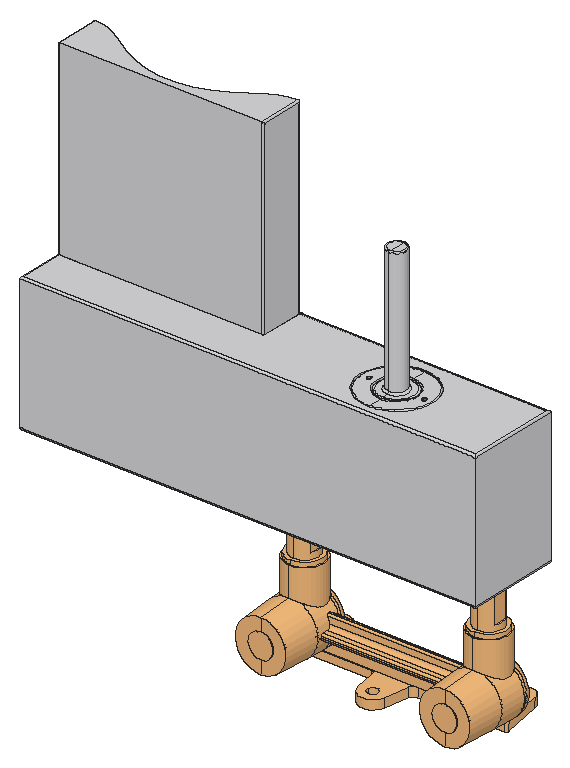
Revit family "Faucet-Wall_Mount-Lavatory-KOHLER-Beitou-K-99876M_1", category Plumbing Fixtures, host Face, Revit 2017
Family settings
  Host = Face
  Round Connector Dimension = Use Diameter
  Part Type = Normal
  OmniClass Number = 23.31.11.00
  OmniClass Title = Faucets
  Cut with Voids When Loaded = No
  Shared = No
  Room Calculation Point = No
Parameters (values of type "CP- Polished Chrome")
  Width = 9 11/64"  # constant formula
  WaterSense Certified = 1 = 0  # no
  Waste Water Outlet = "Waste Water Outlet"  # constant formula
  Waste Connection = 1 = 0  # no
  Vent Connection = 1 = 0  # no
  URL = "https://la.kohler.com/es?country=MX"
  Type = 1
  Product Page URL = "https://la.kohler.com/es/product-detail/99876m-4?skuid=K-99876M-4-CP"
  Product Name = "Beitou"  # constant formula
  Product Documentation Link = "http://resources.kohler.com/plumbing/kohlerla/pdf/99876T_spec.pdf"
  Pressure = 0.00 psi
  Model = "K-99876M-4-CP"  # constant formula
  Material = "Brass Construction"  # constant formula
  Master Format 2014 Name = "Residential Faucets, Supplies, and Trim"  # constant formula
  Master Format 2014 = "22 41 39"  # constant formula
  Manufacturer Address = "KOHLER Co. 444 Highland Dr. Kohler, WI 53044"  # constant formula
  Manufacturer = "KOHLER Co."  # constant formula
  Length = 6 147/256"  # constant formula
  Hot Water Inlet = "Hot Water Inlet"  # constant formula
  Height = 1 223/256"  # constant formula
  HW Connection = 1 = 1  # yes
  Flow Rate = 0 GPM
  Finish = Kohler-Metal-CP-Polished_Chrome
  Environmental Product Declaration = ""
  Drain Included = 1 = 1  # yes
  Description = "Wall-mounted single-lever basin mixer"  # constant formula
  Default Elevation = 36"
  Declare Label = ""
  Date Modified = "05/24/2021"  # constant formula
  Date Created = "05/24/2021"  # constant formula
  Copyright = "Copyright KOHLER Co."  # constant formula
  Contact Us = "https://la.kohler.com/es/contact-us-page"
  Cold Water Inlet = "Cold Water Inlet"  # constant formula
  CW Connection = 1 = 1  # yes
  Assembly Code = "D2010"
  ADA Compliant = 1 = 0  # no
Reference planes (in)
  plane 1 "Center (Front/Back)": y = 0
  plane 2: z = 0
  plane 3 "Center (Left/Right)": x = 0
  plane 4: y = -0.90551
  plane 5: x = -6.84904
  plane 6: x = -1.85039
  plane 7: x = 1.85039
  plane 8: y = 0.1378
  plane 9: z = 6.57422
  plane 10: z = 5.31496
  plane 11: z = 2.75591
  plane 12: z = -2.04724
  plane 13: y = 0.96558
  plane 14: z = -2.61809
  plane 15: z = 1.37746
  plane 16: x = 2.32283
  plane 17: x = -2.71654
Forms (in)
  Extrusion 1, void
    sketch origin (0, 0, 0) x (1, 0, 0) y (0, 0, 1)
      loop
        arc (-2.2509, -1.63022) -> (-2.42845, -2.03715) -> (-2.26547, -2.45013) r 0.57876
        line (-2.26547, -2.45013) -> (-2.26547, -2.62463) -> (2.26643, -2.62463) -> (2.26643, -2.45013)
        arc (2.26643, -2.45013) -> (2.42941, -2.03715) -> (2.25187, -1.63022) r 0.57876
        line (2.25187, -1.63022) -> (2.25187, -0.90549) -> (2.20662, -0.90549) -> (2.20662, 0.41674) -> (-2.20552, 0.41674) -> (-2.20552, -0.90549) -> (-2.2509, -0.90549) -> (-2.2509, -1.63022)
    from -0.9409 to 0.8889
  Extrusion 2, void
    sketch origin (0, 0, 0) x (1, 0, 0) y (0, 0, 1)
      loop
        circle (-1.83968, -2.04743) r 0.54424
      loop
        circle (1.85126, -2.04743) r 0.54297
    from 0.8889 to 1.10568
  Extrusion 3, void
    sketch origin (0, 0, 0) x (1, 0, 0) y (0, 0, 1)
      loop
        line (2.26643, -2.44093) -> (1.33068, -2.44093) -> (1.33068, -2.61809) -> (2.26643, -2.61809) -> (2.26643, -2.44093)
      loop
        line (-2.27474, -2.44093) -> (-2.27474, -2.61809) -> (-1.33899, -2.61809) -> (-1.33899, -2.44093) -> (-2.27474, -2.44093)
    from -1.08536 to -0.9409
Dimensions and locks (in)
  "Width": plane 5 to plane 16
  "Height": plane 13 to plane 4
  plane 3 "Center (Left/Right)" to plane 16 = 2.32283"
  plane 4 to plane 8 = 1.04331"
  "Length": level to plane 9
  level to plane 12 = 2.04724"  (x2)
  level to plane 14 = 2.61809"  (x2)
  level to plane 10 = 5.31496"
  plane 13 to plane 4 = 1 223/256"
  locked: plane 10 to plane 15 at 3.9375
  plane 6 to plane 7 = 3.70079"
  plane 5 to plane 17 = 4.1325"
  locked: plane 5 to plane 17 at 4.1325
  aligned and locked: plane 2 to host face
  aligned and locked: level to host face
  aligned and locked: plane 3 "Center (Left/Right)" to nested 1
Automatic sketch dimensions
  host sketch curve to host sketch curve = 96"  (x2)
  Extrusion 1 sketch curve to plane 14 = 0.00654"
  plane 6 to Extrusion 1 sketch curve = 0.41507"
  plane 6 to Extrusion 1 sketch curve = 0.40051"
  plane 6 to Extrusion 1 sketch curve = 0.35513"
  Extrusion 1 sketch curve to plane 6 = 0.00062"
  Extrusion 1 sketch curve to plane 7 = 0.00034"
  plane 16 to Extrusion 1 sketch curve = 0.11622"
  plane 16 to Extrusion 1 sketch curve = 0.07097"
  plane 16 to Extrusion 1 sketch curve = 0.05641"
  plane 14 to Extrusion 1 sketch curve = 43/256"  (x2)
  plane 12 to Extrusion 1 sketch curve = 0.00018"  (x2)
  Extrusion 1 sketch curve to Extrusion 1 sketch curve = 0.72472"  (x2)
  level to Extrusion 1 sketch curve = 0.41674"
  plane 12 to Extrusion 2 sketch curve = 0.00018"  (x2)
  Extrusion 2 sketch curve to plane 6 = 0.01071"
  Extrusion 2 sketch curve to plane 7 = 0.00087"
  Extrusion 3 sketch curve to plane 14 = 0"  (x2)
  plane 6 to Extrusion 3 sketch curve = 0.42434"
  Extrusion 3 sketch curve to plane 6 = 0.51141"
  plane 14 to Extrusion 3 sketch curve = 0.17717"  (x2)
  plane 7 to Extrusion 3 sketch curve = 0.51972"
  plane 16 to Extrusion 3 sketch curve = 0.05641"
  radius of Extrusion 2 sketch curve = 0.54424"
  radius of Extrusion 2 sketch curve = 139/256"
Nested families (in)
  nested 1: "K-99876M" at (0, 0, 0) x (1, 0, 0) z (0, 1, 0), type "K-99876M"
Connectors (in)
  piping at (-1.85039, -1.10568, -2.04724), diameter 0.5, driven by "Flow Rate", driven by "Pressure", driven by "HW Connection", driven by "Hot Water Inlet"
    settings: on nested 1, index 1, connector inside diameter 24", connector length 0", flow factor 0, pipe flow 0 GPM, pressure drop 0.00 psi, fitting loss kfactor 0, connector angle 0.00°, fixture units 0, engagement length 0", angle of deflection 0.00°, flow configuration 0, flow direction 1, fitting loss method 0, system type 19, joint type 0, gender type 0, connector reference index -1, connector utility 1, adjustable connector no, is connector primary yes, connector description "Hot Water Inlet"
  piping at (1.85039, -1.10568, -2.04724), diameter 0.5, driven by "Flow Rate", driven by "Pressure", driven by "CW Connection", driven by "Cold Water Inlet"
    settings: on nested 1, index 2, connector inside diameter 24", connector length 0", flow factor 0, pipe flow 0 GPM, pressure drop 0.00 psi, fitting loss kfactor 0, connector angle 0.00°, fixture units 0, engagement length 0", angle of deflection 0.00°, flow configuration 0, flow direction 1, fitting loss method 0, system type 20, joint type 0, gender type 0, connector reference index -1, connector utility 1, adjustable connector no, is connector primary no, connector description "Cold Water Inlet"
Definition of nested family "K-99876M"
  Parameters (values of type "K-99876M")
    Material = none
    Default Elevation = 48"
  Reference planes (in)
    plane 1 "Center (Front/Back)": y = 0
    plane 2: z = 0
    plane 3 "Center (Left/Right)": x = 0
    plane 4: y = -6.5748
    plane 5: y = -2.75591
    plane 6: y = -5.31496
    plane 7: y = 2.04724
    plane 8: x = 2.32283
    plane 9: x = -6.85039
    plane 10: x = -1.85039
    plane 11: x = 1.85039
    plane 12: z = -0.90551
    plane 13: z = 0.1378
    plane 14: z = 0
    plane 15: z = 0.96457
    plane 16: y = 2.61809
    plane 17: y = -1.378
  Forms (in)
    Extrusion 1, solid, material <- "Material", detail levels medium+fine
      sketch origin (0, 0, 0) x (1, 0, 0) y (0, 0, 1)
        loop
          line (2.28346, 0.9252) -> (-2.67717, 0.9252) -> (-2.67717, 0.04331) -> (-6.81102, 0.04331) -> (-6.81102, -0.86614) -> (2.28346, -0.86614) -> (2.28346, 0.9252)
      from 0 to 2.75591
    Sweep 2, solid, material <- "Material", detail levels medium+fine
      path origin (0, 0, 0) x (1, 0, 0) y (0, 0, 1)
        loop
          line (-2.67717, 0.9252) -> (-2.67717, 0.04331) -> (-6.81102, 0.04331) -> (-6.81102, -0.86614) -> (2.28346, -0.86614) -> (2.28346, 0.9252) -> (-2.67717, 0.9252)
      profile origin (2.28346, 0, 0.02953) x (0, -1, 0) y (1, 0, 0)
        loop
          arc (0.03934, 0.03937) -> (0.01151, 0.02784) -> (0, 0) r 0.03934
          line (0, 0) -> (2.75591, 0)
          arc (2.75591, 0) -> (2.74441, 0.02784) -> (2.7166, 0.03937) r 0.03931
          line (2.7166, 0.03937) -> (0.03934, 0.03937)
    Extrusion 3, void
      sketch origin (0, 0, 0) x (1, 0, 0) y (0, 0, 1)
        loop
          circle (-0.00248, -0.00053) r 0.73082
      from 2.48031 to 5.68054
    Revolve 4, solid, material <- "Material", detail levels medium+fine
      sketch origin (0, 0, 0) x (0, 1, 0) y (0, 0, 1)
        loop
          line (-5.31496, 0) -> (-2.71654, 0) -> (-2.71654, 0.41367) -> (-2.74219, 0.38801)
          arc (-2.74219, 0.38801) -> (-2.75234, 0.37282) -> (-2.75591, 0.3549) r 0.04683
          line (-2.75591, 0.3549) -> (-2.75591, 0.2276)
          arc (-2.75591, 0.2276) -> (-2.76722, 0.20029) -> (-2.79453, 0.18898) r 0.03862
          line (-2.79453, 0.18898) -> (-5.29469, 0.18898)
          arc (-5.29469, 0.18898) -> (-5.30902, 0.18304) -> (-5.31496, 0.16871) r 0.02027
          line (-5.31496, 0.16871) -> (-5.31496, 0)
        axis (-5.31496, 0) -> (-2.71654, 0)
      angle from 0 to 360
    Revolve 5, solid, material <- "Material", detail levels medium+fine
      sketch origin (0, 0, 0) x (0, 1, 0) y (0, 0, 1)
        loop
          line (-2.6901, 0.43837) -> (-2.6901, 0.72493) -> (-2.73282, 0.72493)
          arc (-2.73282, 0.72493) -> (-2.74914, 0.71816) -> (-2.75591, 0.70184) r 0.02308
          line (-2.75591, 0.70184) -> (-2.75591, 0.40999)
          arc (-2.75591, 0.40999) -> (-2.74634, 0.39566) -> (-2.72944, 0.39902) r 0.0155
          line (-2.72944, 0.39902) -> (-2.6901, 0.43837)
        axis (-2.75591, 0) -> (-2.6901, 0)
      angle from 0 to 360
    Extrusion 6, void
      sketch origin (0, 0, 0) x (1, 0, 0) y (0, 0, 1)
        loop
          circle (-0.55799, -0.00003) r 0.04149
      from 2.48031 to 3.02697
    Extrusion 7, solid, detail levels medium+fine
      sketch origin (0, 0, 0) x (1, 0, 0) y (0, 0, 1)
        loop
          circle (-0.55799, -0.00003) r 0.03989
      from 2.48031 to 2.75591
    Extrusion 8, void
      sketch origin (0, 0, 0) x (-1, 0, 0) y (0, 0, -1)
        loop
          circle (-0.55799, 0.00003) r 0.04149
      from 2.48031 to 3.02697
    Extrusion 9, solid, detail levels medium+fine
      sketch origin (0, 0, 0) x (-1, 0, 0) y (0, 0, -1)
        loop
          circle (-0.55799, 0.00003) r 0.03989
      from 2.48031 to 2.75591
    Extrusion 10, solid, material <- "Material", detail levels medium+fine
      sketch origin (0, 0, 0) x (0, 1, 0) y (0, 0, 1)
        loop
          line (-0.03937, 0.9252) -> (-6.53543, 0.9252) -> (-6.53543, 0.08268) -> (-0.03937, 0.08268) -> (-0.03937, 0.9252)
      from -6.85039 to -2.71654
    Sweep 11, solid, material <- "Material", detail levels medium+fine
      path origin (0, 0, 0) x (0, 1, 0) y (0, 0, 1)
        loop
          line (-6.53543, 0.9252) -> (-6.53543, 0.08268) -> (-0.03937, 0.08268) -> (-0.03937, 0.9252) -> (-6.53543, 0.9252)
      profile origin (0, -6.53543, 0.08268) x (0, -1, 0) y (1, 0, 0)
        loop
          line (0, -2.71654) -> (0, -6.85039)
          arc (0, -6.85039) -> (0.02784, -6.83887) -> (0.03937, -6.81103) r 0.03937
          line (0.03937, -6.81103) -> (0.03937, -2.75606)
          arc (0.03937, -2.75606) -> (0.02785, -2.72817) -> (0, -2.71654) r 0.03952
    Extrusion 12, void
      sketch origin (0, 0.01285, 0.0689) x (1, 0, 0) y (0, -0.017452, 0.999848)
        loop
          arc (-5.25292, 0.28987) -> (-4.78127, 0.23404) -> (-4.30962, 0.28987) r 2.02006
          arc (-4.30962, 0.28987) -> (-4.02272, 0.38385) -> (-3.75471, 0.52283) r 1.86779
          arc (-3.75471, 0.52283) -> (-3.4982, 0.68437) -> (-3.24259, 0.84733) r 54.96959
          arc (-3.24259, 0.84733) -> (-2.97394, 0.96657) -> (-2.68188, 0.99959) r 0.96696
          line (-2.68188, 0.99959) -> (-2.68188, 1.39329) -> (-6.90568, 1.39329) -> (-6.90568, 1.00077)
          arc (-6.90568, 1.00077) -> (-6.65772, 0.98084) -> (-6.42323, 0.8978) r 0.95881
          arc (-6.42323, 0.8978) -> (-6.30889, 0.83569) -> (-6.19808, 0.76747) r 2.39798
          arc (-6.19808, 0.76747) -> (-6.01254, 0.64759) -> (-5.82571, 0.52972) r 20.51443
          arc (-5.82571, 0.52972) -> (-5.54898, 0.3867) -> (-5.25292, 0.28987) r 1.93805
      from 0.86609 to 7.01633
    Extrusion 13, solid, material <- "Material", detail levels medium+fine
      sketch origin (0, 0, 0) x (1, 0, 0) y (0, 1, 0)
        loop
          line (-5.96457, -0.03937) -> (-5.96457, -1.04175)
          arc (-5.96457, -1.04175) -> (-5.80844, -1.41867) -> (-5.43151, -1.5748) r 0.53306
          line (-5.43151, -1.5748) -> (-4.14821, -1.5748)
          arc (-4.14821, -1.5748) -> (-3.76224, -1.41493) -> (-3.60236, -1.02895) r 0.54585
          line (-3.60236, -1.02895) -> (-3.60236, -0.03937) -> (-5.96457, -0.03937)
      from 0.83465 to 0.96457
    Extrusion 14, solid, material <- "Material", detail levels medium+fine
      sketch origin (0, 0, 0) x (1, 0, 0) y (0, 1, 0)
        loop
          arc (-5.19122, -1.45089) -> (-4.7767, -1.48122) -> (-4.36219, -1.45089) r 2.84822
          arc (-4.36219, -1.45089) -> (-3.94379, -1.30922) -> (-3.60236, -1.02895) r 1.23079
          line (-3.60236, -1.02895) -> (-3.60236, -0.86609) -> (-5.96457, -0.86609) -> (-5.96457, -1.04175)
          arc (-5.96457, -1.04175) -> (-5.61307, -1.31281) -> (-5.19122, -1.45089) r 1.30965
      from 0.16142 to 0.83465
    Extrusion 15, void
      sketch origin (0, 0, 0) x (1, 0, 0) y (0, 0, 1)
        loop
          line (-3.95671, 0.12472) -> (-3.95671, 0.41143)
          arc (-3.95671, 0.41143) -> (-3.94594, 0.42365) -> (-3.93588, 0.43647) r 0.28548
          line (-3.93588, 0.43647) -> (-4.06299, 0.43647) -> (-4.06299, 0.16221) -> (-4.09449, 0.16221) -> (-4.09449, 0.43647) -> (-4.24016, 0.43647) -> (-4.24016, 0.181) -> (-4.27165, 0.181) -> (-4.27165, 0.43647) -> (-4.41732, 0.43647) -> (-4.41732, 0.16221) -> (-4.44882, 0.16221) -> (-4.44882, 0.43647) -> (-4.59449, 0.43647) -> (-4.59449, 0.13871) -> (-4.62598, 0.13871) -> (-4.62598, 0.43647) -> (-4.77165, 0.43647) -> (-4.77165, 0.13871) -> (-4.80315, 0.13871) -> (-4.80315, 0.43647) -> (-4.94882, 0.43647) -> (-4.94882, 0.13871) -> (-4.98031, 0.13871) -> (-4.98031, 0.43647) -> (-5.12598, 0.43647) -> (-5.12598, 0.16221) -> (-5.15748, 0.16221) -> (-5.15748, 0.43647) -> (-5.30315, 0.43647) -> (-5.30315, 0.16221) -> (-5.33465, 0.16221) -> (-5.33465, 0.43647) -> (-5.50196, 0.43647) -> (-5.50196, 0.16221) -> (-5.53346, 0.16221) -> (-5.53346, 0.43647) -> (-5.62003, 0.43647)
          arc (-5.62003, 0.43647) -> (-5.61398, 0.41419) -> (-5.61194, 0.3912) r 0.1307
          line (-5.61194, 0.3912) -> (-5.61194, 0.12472) -> (-3.95671, 0.12472)
        loop
          line (-5.50196, 0.68351) -> (-5.50196, 0.58123) -> (-5.33465, 0.58123) -> (-5.33465, 0.70427)
          arc (-5.33465, 0.70427) -> (-5.41835, 0.69428) -> (-5.50196, 0.68351) r 9.03524
        loop
          line (-5.30315, 0.70783) -> (-5.30315, 0.58123) -> (-5.15748, 0.58123) -> (-5.15748, 0.72281)
          arc (-5.15748, 0.72281) -> (-5.23035, 0.71562) -> (-5.30315, 0.70783) r 9.03524
        loop
          arc (-5.61715, 0.66263) -> (-5.6312, 0.65331) -> (-5.6378, 0.6378) r 0.02935
          arc (-5.6378, 0.6378) -> (-5.64015, 0.60956) -> (-5.64093, 0.58123) r 0.51189
          line (-5.64093, 0.58123) -> (-5.53346, 0.58123) -> (-5.53346, 0.67866)
          arc (-5.53346, 0.67866) -> (-5.57573, 0.67286) -> (-5.61715, 0.66263) r 0.40432
        loop
          arc (-3.96381, 0.67618) -> (-4.01338, 0.68296) -> (-4.06299, 0.68947) r 9.03524
          line (-4.06299, 0.68947) -> (-4.06299, 0.58123) -> (-3.881, 0.58123)
          arc (-3.881, 0.58123) -> (-3.87992, 0.60953) -> (-3.88165, 0.6378) r 0.28548
          arc (-3.88165, 0.6378) -> (-3.88825, 0.65331) -> (-3.90229, 0.66263) r 0.02935
          arc (-3.90229, 0.66263) -> (-3.93279, 0.67061) -> (-3.96381, 0.67618) r 0.40432
        loop
          line (-5.12598, 0.72554) -> (-5.12598, 0.58123) -> (-4.98031, 0.58123) -> (-4.98031, 0.73537)
          arc (-4.98031, 0.73537) -> (-5.05319, 0.73107) -> (-5.12598, 0.72554) r 4.36044
        loop
          line (-4.94882, 0.73685) -> (-4.94882, 0.58123) -> (-4.80315, 0.58123) -> (-4.80315, 0.74074)
          arc (-4.80315, 0.74074) -> (-4.876, 0.7394) -> (-4.94882, 0.73685) r 4.36044
        loop
          line (-4.77165, 0.74094) -> (-4.77165, 0.58123) -> (-4.62598, 0.58123) -> (-4.62598, 0.7389)
          arc (-4.62598, 0.7389) -> (-4.69881, 0.74053) -> (-4.77165, 0.74094) r 4.36044
        loop
          line (-4.59449, 0.73782) -> (-4.59449, 0.58123) -> (-4.44882, 0.58123) -> (-4.44882, 0.72985)
          arc (-4.44882, 0.72985) -> (-4.52162, 0.73445) -> (-4.59449, 0.73782) r 4.36044
        loop
          line (-4.41732, 0.72749) -> (-4.41732, 0.58123) -> (-4.27165, 0.58123) -> (-4.27165, 0.7138)
          arc (-4.27165, 0.7138) -> (-4.30397, 0.71713) -> (-4.3363, 0.72035) r 9.03524
          arc (-4.3363, 0.72035) -> (-4.37679, 0.72411) -> (-4.41732, 0.72749) r 4.36044
        loop
          line (-4.24016, 0.71045) -> (-4.24016, 0.58123) -> (-4.09449, 0.58123) -> (-4.09449, 0.69346)
          arc (-4.09449, 0.69346) -> (-4.16729, 0.70225) -> (-4.24016, 0.71045) r 9.03524
        loop
          arc (-5.64026, 0.55507) -> (-5.63547, 0.50668) -> (-5.62611, 0.45896) r 0.51189
          line (-5.62611, 0.45896) -> (-5.53346, 0.45896) -> (-5.53346, 0.55507) -> (-5.64026, 0.55507)
        loop
          line (-5.50196, 0.55507) -> (-5.50196, 0.45896) -> (-5.33465, 0.45896) -> (-5.33465, 0.55507) -> (-5.50196, 0.55507)
        loop
          line (-5.30315, 0.45896) -> (-5.15748, 0.45896) -> (-5.15748, 0.55507) -> (-5.30315, 0.55507) -> (-5.30315, 0.45896)
        loop
          line (-5.12598, 0.55507) -> (-5.12598, 0.45896) -> (-4.98031, 0.45896) -> (-4.98031, 0.55507) -> (-5.12598, 0.55507)
        loop
          line (-4.94882, 0.55507) -> (-4.94882, 0.45896) -> (-4.80315, 0.45896) -> (-4.80315, 0.55507) -> (-4.94882, 0.55507)
        loop
          line (-4.77165, 0.55507) -> (-4.77165, 0.45896) -> (-4.62598, 0.45896) -> (-4.62598, 0.55507) -> (-4.77165, 0.55507)
        loop
          line (-4.59449, 0.55507) -> (-4.59449, 0.45896) -> (-4.44882, 0.45896) -> (-4.44882, 0.55507) -> (-4.59449, 0.55507)
        loop
          line (-4.41732, 0.55507) -> (-4.41732, 0.45896) -> (-4.27165, 0.45896) -> (-4.27165, 0.55507) -> (-4.41732, 0.55507)
        loop
          line (-4.24016, 0.55507) -> (-4.24016, 0.45896) -> (-4.09449, 0.45896) -> (-4.09449, 0.55507) -> (-4.24016, 0.55507)
        loop
          line (-4.06299, 0.45896) -> (-3.92083, 0.45896)
          arc (-3.92083, 0.45896) -> (-3.89832, 0.50537) -> (-3.88453, 0.55507) r 0.28548
          line (-3.88453, 0.55507) -> (-4.06299, 0.55507) -> (-4.06299, 0.45896)
      from 0.6043 to 1.91537
    Revolve 16, solid, detail levels medium+fine
      sketch origin (1.85094, 0, -0.0018) x (0, 1, 0) y (0, 0, 1)
        loop
          line (-0.1575, 0.00181) -> (2.10672, 0.00181) -> (2.10672, 0.39567) -> (0.90549, 0.39567) -> (0.90549, 0.35748) -> (0.82675, 0.35748) -> (0.82675, 0.27743) -> (-0.1575, 0.27743) -> (-0.1575, 0.00181)
        axis (2.10672, 0.00181) -> (-0.1575, 0.00181)
      angle from 0 to 360
    Revolve 17, solid, detail levels medium+fine
      sketch origin (-1.84984, 0, -0.0018) x (0, 1, 0) y (0, 0, 1)
        loop
          line (-0.1575, 0.00181) -> (2.10672, 0.00181) -> (2.10672, 0.39567) -> (0.90549, 0.39567) -> (0.90549, 0.35748) -> (0.82675, 0.35748) -> (0.82675, 0.27743) -> (-0.1575, 0.27743) -> (-0.1575, 0.00181)
        axis (2.10672, 0.00181) -> (-0.1575, 0.00181)
      angle from 0 to 360
    Revolve 18, solid, detail levels medium+fine
      sketch origin (1.8504, 0, -0.0018) x (0, 1, 0) y (0, 0, 1)
        loop
          line (2.56133, -1.10388) -> (2.60034, -0.35948)
          arc (2.60034, -0.35948) -> (2.61111, -0.08552) -> (2.6147, 0.18864) r 10.47311
          line (2.6147, 0.18864) -> (2.6147, 0.24013)
          arc (2.6147, 0.24013) -> (2.56837, 0.35197) -> (2.45652, 0.3983) r 0.15817
          line (2.45652, 0.3983) -> (2.04743, 0.3983) -> (2.04743, -1.10388) -> (2.56133, -1.10388)
        axis (2.04743, 0.3983) -> (2.04743, -1.10388)
      angle from 0 to 360
    Revolve 19, solid, detail levels medium+fine
      sketch origin (-1.84978, 0, -0.0018) x (0, 1, 0) y (0, 0, 1)
        loop
          line (2.56133, -1.10388) -> (2.60034, -0.35948)
          arc (2.60034, -0.35948) -> (2.61111, -0.08552) -> (2.6147, 0.18864) r 10.47311
          line (2.6147, 0.18864) -> (2.6147, 0.24013)
          arc (2.6147, 0.24013) -> (2.56837, 0.35197) -> (2.45652, 0.3983) r 0.15817
          line (2.45652, 0.3983) -> (2.04743, 0.3983) -> (2.04743, -1.10388) -> (2.56133, -1.10388)
        axis (2.04743, 0.3983) -> (2.04743, -1.10388)
      angle from 0 to 360
    Extrusion 20, solid, detail levels medium+fine
      sketch origin (0, 0, -0.0018) x (0, 1, 0) y (0, 0, 1)
        loop
          line (1.98817, 0.25836) -> (1.98817, 0.13835)
          arc (1.98817, 0.13835) -> (1.96526, 0.08303) -> (1.90994, 0.06011) r 0.07823
          line (1.90994, 0.06011) -> (1.79187, 0.06011)
          arc (1.79187, 0.06011) -> (1.76364, 0.04842) -> (1.75195, 0.02019) r 0.03992
          line (1.75195, 0.02019) -> (1.75195, -0.01877)
          arc (1.75195, -0.01877) -> (1.7636, -0.04689) -> (1.79172, -0.05853) r 0.03977
          line (1.79172, -0.05853) -> (1.91122, -0.05853)
          arc (1.91122, -0.05853) -> (1.96563, -0.08107) -> (1.98817, -0.13549) r 0.07695
          line (1.98817, -0.13549) -> (1.98817, -0.25378)
          arc (1.98817, -0.25378) -> (2.0002, -0.28283) -> (2.02925, -0.29486) r 0.04109
          line (2.02925, -0.29486) -> (2.06537, -0.29486)
          arc (2.06537, -0.29486) -> (2.0943, -0.28288) -> (2.10628, -0.25396) r 0.04091
          line (2.10628, -0.25396) -> (2.10628, -0.13525)
          arc (2.10628, -0.13525) -> (2.12875, -0.081) -> (2.183, -0.05853) r 0.07672
          line (2.183, -0.05853) -> (2.44093, -0.05853) -> (2.44093, 0.05247) -> (2.18266, 0.05247)
          arc (2.18266, 0.05247) -> (2.12865, 0.07484) -> (2.10628, 0.12884) r 0.07638
          line (2.10628, 0.12884) -> (2.10628, 0.25672)
          arc (2.10628, 0.25672) -> (2.09463, 0.28485) -> (2.0665, 0.2965) r 0.03978
          line (2.0665, 0.2965) -> (2.02632, 0.2965)
          arc (2.02632, 0.2965) -> (1.99934, 0.28533) -> (1.98817, 0.25836) r 0.03815
      from -1.86637 to 1.86011
    Extrusion 21, solid, detail levels medium+fine
      sketch origin (0, 0, -0.0018) x (1, 0, 0) y (0, 0, 1)
        loop
          line (2.26569, -0.00255) -> (2.11926, 0.83265)
          arc (2.11926, 0.83265) -> (1.85197, 1.05737) -> (1.58426, 0.83318) r 0.27163
          line (1.58426, 0.83318) -> (1.46591, 0.16583)
          arc (1.46591, 0.16583) -> (1.41891, 0.08456) -> (1.33068, 0.05247) r 0.13735
          line (1.33068, 0.05247) -> (-1.33899, 0.05247)
          arc (-1.33899, 0.05247) -> (-1.4213, 0.0824) -> (-1.46515, 0.15823) r 0.12813
          line (-1.46515, 0.15823) -> (-1.58484, 0.83318)
          arc (-1.58484, 0.83318) -> (-1.85256, 1.05737) -> (-2.11984, 0.83265) r 0.27163
          line (-2.11984, 0.83265) -> (-2.26547, 0.00203)
          arc (-2.26547, 0.00203) -> (-2.25377, -0.04149) -> (-2.21293, -0.06052) r 0.05334
          line (-2.21293, -0.06052) -> (-0.46581, -0.06052)
          arc (-0.46581, -0.06052) -> (-0.39149, -0.08759) -> (-0.35199, -0.15612) r 0.11556
          line (-0.35199, -0.15612) -> (-0.26762, -0.63737)
          arc (-0.26762, -0.63737) -> (-0.00029, -0.86213) -> (0.26747, -0.63789) r 0.27167
          line (0.26747, -0.63789) -> (0.35245, -0.15868)
          arc (0.35245, -0.15868) -> (0.39315, -0.08831) -> (0.46955, -0.06052) r 0.11893
          line (0.46955, -0.06052) -> (2.217, -0.06052)
          arc (2.217, -0.06052) -> (2.25485, -0.04288) -> (2.26569, -0.00255) r 0.04943
        loop
          circle (1.85171, 0.78575) r 0.10895
        loop
          circle (-0.00003, -0.59046) r 0.10813
        loop
          circle (-1.8523, 0.78575) r 0.11072
      from -2.61809 to -2.44093
    Extrusion 22, void
      sketch origin (0, 0, -0.0018) x (1, 0, 0) y (0, 1, 0)
        loop
          line (-1.61427, 0.1188) -> (-1.49936, 0.1188) -> (-1.49936, 0.70935) -> (-1.61427, 0.70935) -> (-1.61427, 0.1188)
      from -0.76036 to 0.83465
    Extrusion 23, void
      sketch origin (-3.69969, 0, -0.0018) x (-1, 0, 0) y (0, -1, 0)
        loop
          line (-1.61427, -0.1188) -> (-1.61427, -0.70935) -> (-1.49936, -0.70935) -> (-1.49936, -0.1188) -> (-1.61427, -0.1188)
      from -0.76036 to 0.83465
    Extrusion 24, void
      sketch origin (0.00106, 0, -0.0018) x (-1, 0, 0) y (0, -1, 0)
        loop
          line (-1.61427, -0.1188) -> (-1.61427, -0.70935) -> (-1.49936, -0.70935) -> (-1.49936, -0.1188) -> (-1.61427, -0.1188)
      from -0.76036 to 0.83465
    Extrusion 25, void
      sketch origin (3.70075, 0, -0.0018) x (1, 0, 0) y (0, 1, 0)
        loop
          line (-1.61427, 0.1188) -> (-1.49936, 0.1188) -> (-1.49936, 0.70935) -> (-1.61427, 0.70935) -> (-1.61427, 0.1188)
      from -0.76036 to 0.83465
    Extrusion 26, solid, material <- "Material", detail levels coarse
      sketch origin (0, 0, 0) x (0, 1, 0) y (0, 0, 1)
        loop
          line (0, 0.96457) -> (-2.75591, 0.96457) -> (-2.75591, -0.90551) -> (0, -0.90551) -> (0, 0.96457)
      from -6.85039 to 2.32283
    Extrusion 27, solid, material <- "Material", detail levels coarse
      sketch origin (0, 0, 0) x (1, 0, 0) y (0, 0, 1)
        loop
          line (-6.85039, 0.04331) -> (-2.71654, 0.04331) -> (-2.71654, 0.96457) -> (-6.85039, 0.96457) -> (-6.85039, 0.04331)
      from 0 to 6.5748
    Extrusion 28, solid, material <- "Material", detail levels coarse
      sketch origin (0, 0, 0) x (1, 0, 0) y (0, 0, 1)
        loop
          circle (-0.00248, -0.00053) r 0.19685
      from 1.89981 to 5.31522
    Revolve 29, solid, detail levels coarse
      sketch origin (1.85094, 0, 0) x (0, 1, 0) y (0, 0, 1)
        loop
          line (-0.1575, 0) -> (2.10672, 0) -> (2.10672, 0.39387) -> (0.82675, 0.39387) -> (0.82675, 0.27563) -> (-0.1575, 0.27563) -> (-0.1575, 0)
        axis (2.10672, 0) -> (-0.1575, 0)
      angle from 0 to 360
    Revolve 30, solid, detail levels coarse
      sketch origin (-1.84984, 0, 0) x (0, 1, 0) y (0, 0, 1)
        loop
          line (-0.1575, 0) -> (2.10672, 0) -> (2.10672, 0.39387) -> (0.82675, 0.39387) -> (0.82675, 0.27563) -> (-0.1575, 0.27563) -> (-0.1575, 0)
        axis (2.10672, 0) -> (-0.1575, 0)
      angle from 0 to 360
    Revolve 31, solid, detail levels coarse
      sketch origin (-1.83968, 0, 0) x (0, 1, 0) y (0, 0, 1)
        loop
          line (2.56133, -1.10568) -> (2.60893, -0.19735)
          arc (2.60893, -0.19735) -> (2.61326, -0.08737) -> (2.6147, 0.02268) r 4.20423
          line (2.6147, 0.02268) -> (2.6147, 0.3965) -> (2.04743, 0.3965) -> (2.04743, -1.10568) -> (2.56133, -1.10568)
        axis (2.04743, 0.3965) -> (2.04743, -1.10568)
      angle from 0 to 360
    Revolve 32, solid, detail levels coarse
      sketch origin (1.85126, 0, 0) x (0, 1, 0) y (0, 0, 1)
        loop
          line (2.56133, -1.10568) -> (2.60893, -0.19735)
          arc (2.60893, -0.19735) -> (2.61326, -0.08737) -> (2.6147, 0.02268) r 4.20423
          line (2.6147, 0.02268) -> (2.6147, 0.3965) -> (2.04743, 0.3965) -> (2.04743, -1.10568) -> (2.56133, -1.10568)
        axis (2.04743, 0.3965) -> (2.04743, -1.10568)
      angle from 0 to 360
    Extrusion 33, solid, detail levels coarse
      sketch origin (0, 0, 0) x (1, 0, 0) y (0, 0, 1)
        loop
          line (2.27585, -0.06232) -> (2.08526, 1.02475) -> (1.61855, 1.02475) -> (1.44581, 0.05066) -> (-1.4464, 0.05066) -> (-1.61913, 1.02475) -> (-2.08585, 1.02475) -> (-2.27643, -0.06232) -> (-0.36875, -0.06232) -> (-0.23354, -0.83352) -> (0.2331, -0.83352) -> (0.36986, -0.06232) -> (2.27585, -0.06232)
        loop
          circle (1.85171, 0.78395) r 0.10895
        loop
          circle (-0.00003, -0.59226) r 0.10813
        loop
          circle (-1.8523, 0.78395) r 0.11072
      from -2.61809 to -2.44093
    Extrusion 34, solid, detail levels coarse
      sketch origin (0, 0, 0) x (0, 1, 0) y (0, 0, 1)
        loop
          line (1.98817, 0.2947) -> (1.98817, 0.05831) -> (1.75195, 0.05831) -> (1.75195, -0.06034) -> (1.98817, -0.06034) -> (1.98817, -0.29667) -> (2.10628, -0.29667) -> (2.10628, -0.06034) -> (2.44093, -0.06034) -> (2.44093, 0.05066) -> (2.10628, 0.05066) -> (2.10628, 0.2947) -> (1.98817, 0.2947)
      from -1.70278 to 2.08648
    Extrusion 35, solid, detail levels medium+fine
      sketch origin (0, 0, 0) x (1, 0, 0) y (0, 1, 0)
        loop
          circle (-1.85039, 2.04724) r 0.25
        loop
          circle (1.85039, 2.04724) r 0.25
      from -1.10568 to -0.97868
  Cuts and joins
    Extrusion 3, Extrusion 6, Extrusion 8, Extrusion 12 cuts Extrusion 1
    Extrusion 3, Extrusion 6, Extrusion 8 cuts Sweep 2
    joined: Extrusion 1, Sweep 2
    Extrusion 6, Extrusion 8 cuts Revolve 5
    Extrusion 12 cuts Extrusion 10
    Extrusion 12 cuts Sweep 11
    joined: Extrusion 10, Sweep 11, Extrusion 13
    Extrusion 15 cuts Extrusion 14
    Extrusion 22, Extrusion 23 cuts Revolve 17
    Extrusion 24, Extrusion 25 cuts Revolve 16
    Extrusion 12 cuts Extrusion 26
    Extrusion 12 cuts Extrusion 27
    joined: Extrusion 26, Extrusion 27, Extrusion 28
    joined: Extrusion 33, Extrusion 34
  Lines and regions (in)
    Masking region 1
      outline origin (0, 0, 0) x (0, 1, 0) y (0, 0, 1)
        loop
          line (2.59574, 1.05557) -> (2.46337, 1.05557)
          arc (2.46337, 1.05557) -> (2.4475, 1.049) -> (2.44093, 1.03313) r 0.02244
          line (2.44093, 1.03313) -> (2.44093, 0.48473)
          arc (2.44093, 0.48473) -> (2.41511, 0.42239) -> (2.35277, 0.39657) r 0.08816
          line (2.35277, 0.39657) -> (0.90549, 0.39657) -> (0.90549, 0.35568) -> (0.82675, 0.35568) -> (0.82675, 0.27563) -> (0, 0.27563) -> (0, -0.27563) -> (0.82675, -0.27563) -> (0.82675, -0.35568) -> (0.90549, -0.35568) -> (0.90549, -0.39387) -> (1.30941, -0.39387)
          arc (1.30941, -0.39387) -> (1.44491, -0.44793) -> (1.50599, -0.58041) r 0.19685
          line (1.50599, -0.58041) -> (1.53352, -1.10568) -> (2.56133, -1.10568) -> (2.574, -0.86393) -> (2.61809, -0.86393) -> (2.61809, 1.03322)
          arc (2.61809, 1.03322) -> (2.61154, 1.04902) -> (2.59574, 1.05557) r 0.02235
    Masking region 2
      outline origin (0, 0, 0) x (0, 1, 0) y (0, 0, 1)
        loop
          line (-0.0374, 0.96457) -> (-6.5374, 0.96457)
          arc (-6.5374, 0.96457) -> (-6.56385, 0.95361) -> (-6.5748, 0.92717) r 0.0374
          line (-6.5748, 0.92717) -> (-6.5748, 0.08071)
          arc (-6.5748, 0.08071) -> (-6.56385, 0.05426) -> (-6.5374, 0.04331) r 0.0374
          line (-6.5374, 0.04331) -> (-5.31496, 0.04331) -> (-5.31496, -0.16893)
          arc (-5.31496, -0.16893) -> (-5.3091, -0.18307) -> (-5.29496, -0.18892) r 0.02
          line (-5.29496, -0.18892) -> (-2.79366, -0.18892)
          arc (-2.79366, -0.18892) -> (-2.76696, -0.19998) -> (-2.75591, -0.22668) r 0.03775
          line (-2.75591, -0.22668) -> (-2.75591, -0.86809)
          arc (-2.75591, -0.86809) -> (-2.74495, -0.89455) -> (-2.71849, -0.90551) r 0.03742
          line (-2.71849, -0.90551) -> (-0.03723, -0.90551)
          arc (-0.03723, -0.90551) -> (-0.0109, -0.89461) -> (0, -0.86829) r 0.03723
          line (0, -0.86829) -> (0, 0.92717)
          arc (0, 0.92717) -> (-0.01095, 0.95361) -> (-0.0374, 0.96457) r 0.0374
    Masking region 3
      outline origin (0, 0, 0) x (1, 0, 0) y (0, 0, 1)
        loop
          arc (-2.71654, 0.92504) -> (-2.72811, 0.95299) -> (-2.75606, 0.96457) r 0.03952
          line (-2.75606, 0.96457) -> (-3.57874, 0.96457)
          arc (-3.57874, 0.96457) -> (-3.59544, 0.95765) -> (-3.60236, 0.94094) r 0.02362
          arc (-3.60236, 0.94094) -> (-3.60928, 0.95765) -> (-3.62598, 0.96457) r 0.02362
          line (-3.62598, 0.96457) -> (-5.94094, 0.96457)
          arc (-5.94094, 0.96457) -> (-5.95765, 0.95765) -> (-5.96457, 0.94094) r 0.02362
          arc (-5.96457, 0.94094) -> (-5.97149, 0.95765) -> (-5.98819, 0.96457) r 0.02362
          line (-5.98819, 0.96457) -> (-6.81299, 0.96457)
          arc (-6.81299, 0.96457) -> (-6.83944, 0.95361) -> (-6.85039, 0.92717) r 0.0374
          line (-6.85039, 0.92717) -> (-6.85039, -0.86811)
          arc (-6.85039, -0.86811) -> (-6.83944, -0.89456) -> (-6.81299, -0.90551) r 0.0374
          line (-6.81299, -0.90551) -> (2.28543, -0.90551)
          arc (2.28543, -0.90551) -> (2.31188, -0.89456) -> (2.32283, -0.86811) r 0.0374
          line (2.32283, -0.86811) -> (2.32283, 0.92717)
          arc (2.32283, 0.92717) -> (2.31188, 0.95361) -> (2.28543, 0.96457) r 0.0374
          line (2.28543, 0.96457) -> (-2.67913, 0.96457)
          arc (-2.67913, 0.96457) -> (-2.70558, 0.95361) -> (-2.71654, 0.92717) r 0.0374
    Masking region 4, detail levels medium+fine
      outline origin (0, 0, 0) x (1, 0, 0) y (0, 1, 0)
        loop
          arc (-2.24281, 2.61809) -> (-2.2594, 2.61122) -> (-2.26627, 2.59463) r 0.02346
          line (-2.26627, 2.59463) -> (-2.26627, 2.47266)
          arc (-2.26627, 2.47266) -> (-2.26337, 2.45749) -> (-2.25508, 2.44446) r 0.04113
          arc (-2.25508, 2.44446) -> (-2.41708, 2.06787) -> (-2.28288, 1.68049) r 0.56706
          arc (-2.28288, 1.68049) -> (-2.25381, 1.63059) -> (-2.24371, 1.57373) r 0.16508
          line (-2.24371, 1.57373) -> (-2.24371, 0.90549) -> (-2.20552, 0.90549) -> (-2.20552, 0.82675) -> (-2.12547, 0.82675) -> (-2.12547, 0.70935) -> (-2.08542, 0.70935) -> (-2.08542, 0.1188) -> (-2.12547, 0.1188) -> (-2.12547, 0) -> (-1.57532, 0) -> (-1.57532, 0.1188) -> (-1.61537, 0.1188) -> (-1.61537, 0.70935) -> (-1.57532, 0.70935) -> (-1.57532, 0.82675) -> (-1.49527, 0.82675) -> (-1.49527, 0.90549) -> (-1.45708, 0.90549) -> (-1.45708, 1.58056)
          arc (-1.45708, 1.58056) -> (-1.44787, 1.6317) -> (-1.42139, 1.67642) r 0.14659
          arc (-1.42139, 1.67642) -> (-1.39228, 1.71305) -> (-1.36628, 1.75196) r 0.56706
          line (-1.36628, 1.75196) -> (1.36628, 1.75196)
          arc (1.36628, 1.75196) -> (1.39228, 1.71305) -> (1.42139, 1.67642) r 0.56706
          arc (1.42139, 1.67642) -> (1.44787, 1.6317) -> (1.45708, 1.58056) r 0.14659
          line (1.45708, 1.58056) -> (1.45708, 0.90549) -> (1.49527, 0.90549) -> (1.49527, 0.82675) -> (1.57532, 0.82675) -> (1.57532, 0.70935) -> (1.61537, 0.70935) -> (1.61537, 0.1188) -> (1.57532, 0.1188) -> (1.57532, 0) -> (2.12547, 0) -> (2.12547, 0.1188) -> (2.08542, 0.1188) -> (2.08542, 0.70935) -> (2.12547, 0.70935) -> (2.12547, 0.82675) -> (2.20552, 0.82675) -> (2.20552, 0.90549) -> (2.24371, 0.90549) -> (2.24371, 1.57373)
          arc (2.24371, 1.57373) -> (2.25381, 1.63059) -> (2.28288, 1.68049) r 0.16508
          arc (2.28288, 1.68049) -> (2.41708, 2.06787) -> (2.25508, 2.44446) r 0.56706
          arc (2.25508, 2.44446) -> (2.26337, 2.45749) -> (2.26643, 2.47266) r 0.04113
          line (2.26643, 2.47266) -> (2.26643, 2.59447)
          arc (2.26643, 2.59447) -> (2.25951, 2.61117) -> (2.24281, 2.61809) r 0.02362
          line (2.24281, 2.61809) -> (-2.24281, 2.61809)
    Masking region 5
      outline origin (0, 0, 0) x (1, 0, 0) y (0, 1, 0)
        loop
          line (-6.85039, -0.0374) -> (-6.85039, -6.5374)
          arc (-6.85039, -6.5374) -> (-6.83944, -6.56385) -> (-6.81299, -6.5748) r 0.0374
          line (-6.81299, -6.5748) -> (-2.75394, -6.5748)
          arc (-2.75394, -6.5748) -> (-2.72749, -6.56385) -> (-2.71654, -6.5374) r 0.0374
          line (-2.71654, -6.5374) -> (-2.71654, -2.79331)
          arc (-2.71654, -2.79331) -> (-2.70558, -2.76686) -> (-2.67913, -2.75591) r 0.0374
          line (-2.67913, -2.75591) -> (-0.22708, -2.75591)
          arc (-0.22708, -2.75591) -> (-0.20014, -2.76706) -> (-0.18898, -2.79401) r 0.0381
          line (-0.18898, -2.79401) -> (-0.18898, -5.29506)
          arc (-0.18898, -5.29506) -> (-0.18315, -5.30913) -> (-0.16908, -5.31496) r 0.0199
          line (-0.16908, -5.31496) -> (0.16903, -5.31496)
          arc (0.16903, -5.31496) -> (0.18314, -5.30912) -> (0.18898, -5.29501) r 0.01995
          line (0.18898, -5.29501) -> (0.18898, -2.79478)
          arc (0.18898, -2.79478) -> (0.20037, -2.76729) -> (0.22786, -2.75591) r 0.03888
          line (0.22786, -2.75591) -> (2.28543, -2.75591)
          arc (2.28543, -2.75591) -> (2.31188, -2.74495) -> (2.32283, -2.7185) r 0.0374
          line (2.32283, -2.7185) -> (2.32283, -0.0375)
          arc (2.32283, -0.0375) -> (2.31185, -0.01098) -> (2.28533, 0) r 0.0375
          line (2.28533, 0) -> (-6.81299, 0)
          arc (-6.81299, 0) -> (-6.83944, -0.01095) -> (-6.85039, -0.0374) r 0.0374
    symbolic lines, detail levels medium+fine
      curve 1: line (0, 0.82675, 0.27563) -> (0, 0.82675, -0.27562)
      curve 2: line (0, 0.90549, 0.35568) -> (0, 0.90549, -0.35567)
      curve 3: line (0, 0.70935, -0.14302) -> (0, 0.70935, 0.14309)
      curve 4: line (0, 0.70935, 0.14309) -> (0, 0.1188, 0.14309)
      curve 5: line (0, 0.1188, 0.14309) -> (0, 0.1188, -0.14302)
      curve 6: line (0, 0.1188, -0.14302) -> (0, 0.70935, -0.14302)
      curve 7: line (0, 2.574, -0.86393) -> (0, 2.61863, -0.05258)
      curve 8: arc (0, 1.30941, -0.39387) -> (0, 1.53063, -0.02681) -> (0, 1.59711, 0.39657) r 1.11536
      curve 9: arc (0, 1.50599, -0.58041) -> (0, 1.62516, -0.09801) -> (0, 1.67321, 0.39657) r 3.42259
      curve 10: line (0, 2.44799, -0.05258) -> (0, 1.63262, -0.05258)
      curve 11: line (0, 1.63262, -0.05258) -> (0, 1.53385, -0.01785)
      curve 12: line (0, 2.44287, -0.04465) -> (0, 1.63385, -0.04465)
      curve 13: line (0, 1.63385, -0.04465) -> (0, 1.53385, -0.01785)
      curve 14: line (0, 2.42574, 0.172) -> (0, 1.66038, 0.172)
      curve 15: line (0, 1.66038, 0.172) -> (0, 1.58472, 0.18373)
      curve 16: arc (0, 2.47998, 0.172) -> (0, 2.47215, 0.11522) -> (0, 2.45831, 0.05961) r 0.53618
      curve 17: arc (0, 2.45831, 0.05961) -> (0, 2.44698, 0.01254) -> (0, 2.44146, -0.03555) r 0.39673
      curve 18: arc (0, 2.47998, 0.172) -> (0, 2.47647, 0.33574) -> (0, 2.44027, 0.49547) r 0.81419
      curve 19: arc (0, 2.35277, 0.39657) -> (0, 2.4177, 0.29353) -> (0, 2.42574, 0.172) r 0.248
      curve 20: arc (0, 2.42574, 0.172) -> (0, 2.41039, 0.05336) -> (0, 2.40776, -0.06625) r 1.1216
      curve 21: arc (0, 2.61625, -0.09585) -> (0, 2.52819, -0.11139) -> (0, 2.43909, -0.10387) r 0.34649
      curve 22: arc (0, 2.43909, -0.10387) -> (0, 2.41695, -0.09045) -> (0, 2.40776, -0.06625) r 0.03978
      curve 23: arc (0, 2.61863, -0.05258) -> (0, 2.53845, -0.06877) -> (0, 2.45734, -0.05818) r 0.24971
      curve 24: arc (0, 2.45734, -0.05818) -> (0, 2.4455, -0.04961) -> (0, 2.44146, -0.03555) r 0.0224
      curve 25: line (0, 2.42574, 0.172) -> (0, 2.4786, 0.15783)
      curve 26: line (0, 2.45734, -0.05818) -> (0, 2.443, -0.10548)
      curve 27: line (0, 2.44146, -0.03555) -> (0, 2.40731, -0.01583)
      curve 28: line (0, -5.31496, 0.04331) -> (0, 0, 0.04331)
      curve 29: line (0, -2.75591, -0.22668) -> (0, -2.75591, 0.04331)
      curve 30: line (0, -2.79366, -0.18892) -> (0, -2.79366, 0.04331)
      curve 31: arc (-6.19808, 0, 0.7215) -> (-6.30889, 0, 0.78973) -> (-6.42323, 0, 0.85185) r 2.3979
      curve 32: arc (-6.42323, 0, 0.85185) -> (-6.61182, 0, 0.92645) -> (-6.81103, 0, 0.96457) r 1.08238
      curve 33: arc (-5.82571, 0, 0.48371) -> (-6.01254, 0, 0.60161) -> (-6.19808, 0, 0.7215) r 20.5133
      curve 34: arc (-5.82571, 0, 0.48371) -> (-4.7847, 0, 0.13778) -> (-3.7437, 0, 0.48371) r 1.73928
      curve 35: arc (-3.7437, 0, 0.48371) -> (-3.49924, 0, 0.65215) -> (-3.24259, 0, 0.80137) r 3.87273
      curve 36: arc (-3.24259, 0, 0.80137) -> (-3.006, 0, 0.90307) -> (-2.75595, 0, 0.9646) r 1.5655
      curve 37: line (-2.71654, 0, 0.92504) -> (-2.71654, 0, 0.08099)
      curve 38: line (-6.81103, 0, 0.04331) -> (-2.75422, 0, 0.04331)
      curve 39: arc (-2.75422, 0, 0.04331) -> (-2.72757, 0, 0.05434) -> (-2.71654, 0, 0.08099) r 0.03768
      curve 40: arc (-6.85039, 0, 0.08268) -> (-6.83887, 0, 0.05484) -> (-6.81103, 0, 0.04331) r 0.03937
      curve 41: line (-5.96457, 0, 0.83465) -> (-3.60236, 0, 0.83465)
      curve 42: line (-5.68266, 0, 0.83465) -> (-5.68266, 0, 0.55507)
      curve 43: arc (-5.18315, 0, 0.72035) -> (-5.36962, 0, 0.7002) -> (-5.55564, 0, 0.67618) r 9.03524
      curve 44: arc (-4.3363, 0, 0.72035) -> (-4.75972, 0, 0.74095) -> (-5.18315, 0, 0.72035) r 4.36044
      curve 45: arc (-5.55564, 0, 0.67618) -> (-5.61856, 0, 0.6538) -> (-5.66755, 0, 0.6084) r 0.16573
      curve 46: arc (-5.66755, 0, 0.6084) -> (-5.68062, 0, 0.53826) -> (-5.6353, 0, 0.48316) r 0.08442
      curve 47: spline (-5.63689, 0, 0.47983) -> (-5.60608, 0, 0.46542) -> (-5.57502, 0, 0.45156) -> (-5.54372, 0, 0.43824) -> (-5.51219, 0, 0.42547) -> (-5.48045, 0, 0.41326) -> (-5.44849, 0, 0.4016) -> (-5.41634, 0, 0.39051) -> (-5.38399, 0, 0.37999) -> (-5.35147, 0, 0.37003) -> (-5.31877, 0, 0.36065) -> (-5.28592, 0, 0.35184) -> (-5.25292, 0, 0.34361)
      curve 48: spline (-5.25292, 0, 0.34361) -> (-5.17543, 0, 0.32661) -> (-5.09733, 0, 0.31266) -> (-5.01874, 0, 0.30179) -> (-4.93979, 0, 0.29401) -> (-4.86059, 0, 0.28934) -> (-4.78127, 0, 0.28779) -> (-4.70195, 0, 0.28934) -> (-4.62275, 0, 0.29401) -> (-4.5438, 0, 0.30179) -> (-4.46521, 0, 0.31266) -> (-4.38711, 0, 0.32661) -> (-4.30962, 0, 0.34361)
      curve 49: spline (-4.30962, 0, 0.34361) -> (-4.27673, 0, 0.35182) -> (-4.244, 0, 0.36063) -> (-4.21143, 0, 0.37003) -> (-4.17904, 0, 0.38002) -> (-4.14684, 0, 0.39059) -> (-4.11483, 0, 0.40175) -> (-4.08303, 0, 0.41349) -> (-4.05145, 0, 0.4258) -> (-4.0201, 0, 0.43868) -> (-3.98899, 0, 0.45213) -> (-3.95812, 0, 0.46614) -> (-3.92752, 0, 0.48071)
      curve 50: line (-3.88427, 0, 0.83465) -> (-3.88427, 0, 0.561)
      curve 51: arc (-4.01129, 0, 0.67618) -> (-3.94837, 0, 0.6538) -> (-3.89938, 0, 0.6084) r 0.16573
      curve 52: arc (-3.89938, 0, 0.6084) -> (-3.88386, 0, 0.56537) -> (-3.89307, 0, 0.52056) r 0.08442
      curve 53: arc (-4.01129, 0, 0.67618) -> (-4.17338, 0, 0.70133) -> (-4.3363, 0, 0.72035) r 4.33887
      curve 54: line (-5.96457, 0, 0.83465) -> (-5.96457, 0, 0.94094)
      curve 55: line (-3.60236, 0, 0.83465) -> (-3.60236, 0, 0.94094)
      curve 56: arc (-5.8587, 0, 0.83465) -> (-5.79937, 0, 0.62499) -> (-5.63689, 0, 0.47983) r 0.39023
      curve 57: arc (-3.70839, 0, 0.83465) -> (-3.76697, 0, 0.62618) -> (-3.92768, 0, 0.48105) r 0.39023
      curve 58: line (-5.30315, 0, 0.70783) -> (-5.30315, 0, 0.58123)
      curve 59: line (-5.30315, 0, 0.58123) -> (-5.15748, 0, 0.58123)
      curve 60: line (-5.15748, 0, 0.58123) -> (-5.15748, 0, 0.72277)
      curve 61: line (-5.12598, 0, 0.72554) -> (-5.12598, 0, 0.58123)
      curve 62: line (-5.12598, 0, 0.58123) -> (-4.98031, 0, 0.58123)
      curve 63: line (-4.98031, 0, 0.58123) -> (-4.98031, 0, 0.73537)
      curve 64: line (-4.94882, 0, 0.73685) -> (-4.94882, 0, 0.58123)
      curve 65: line (-4.94882, 0, 0.58123) -> (-4.80315, 0, 0.58123)
      curve 66: line (-4.80315, 0, 0.58123) -> (-4.80315, 0, 0.74074)
      curve 67: line (-4.77165, 0, 0.74094) -> (-4.77165, 0, 0.58123)
      curve 68: line (-5.33465, 0, 0.58123) -> (-5.33465, 0, 0.70427)
      curve 69: line (-5.50196, 0, 0.68351) -> (-5.50196, 0, 0.58123)
      curve 70: line (-5.50196, 0, 0.58123) -> (-5.33465, 0, 0.58123)
      curve 71: line (-5.68039, 0, 0.58123) -> (-5.53346, 0, 0.58123)
      curve 72: arc (-5.6378, 0, 0.6378) -> (-5.64015, 0, 0.60956) -> (-5.64093, 0, 0.58123) r 0.51189
      curve 73: line (-5.53346, 0, 0.58123) -> (-5.53346, 0, 0.67866)
      curve 74: line (-5.53346, 0, 0.55507) -> (-5.68266, 0, 0.55507)
      curve 75: line (-5.33465, 0, 0.55507) -> (-5.50196, 0, 0.55507)
      curve 76: line (-5.15748, 0, 0.55507) -> (-5.30315, 0, 0.55507)
      curve 77: line (-4.98031, 0, 0.55507) -> (-5.12598, 0, 0.55507)
      curve 78: line (-4.80315, 0, 0.55507) -> (-4.94882, 0, 0.55507)
      curve 79: line (-4.62598, 0, 0.55507) -> (-4.77165, 0, 0.55507)
      curve 80: line (-4.77165, 0, 0.58123) -> (-4.62598, 0, 0.58123)
      curve 81: line (-4.62598, 0, 0.58123) -> (-4.62598, 0, 0.7389)
      curve 82: line (-4.44882, 0, 0.55507) -> (-4.59449, 0, 0.55507)
      curve 83: line (-4.59449, 0, 0.58123) -> (-4.44882, 0, 0.58123)
      curve 84: line (-4.59449, 0, 0.73782) -> (-4.59449, 0, 0.58123)
      curve 85: line (-4.44882, 0, 0.58123) -> (-4.44882, 0, 0.72985)
      curve 86: line (-4.41732, 0, 0.58123) -> (-4.27165, 0, 0.58123)
      curve 87: line (-4.27165, 0, 0.58123) -> (-4.27165, 0, 0.71355)
      curve 88: line (-4.41732, 0, 0.72749) -> (-4.41732, 0, 0.58123)
      curve 89: line (-4.24016, 0, 0.58123) -> (-4.09449, 0, 0.58123)
      curve 90: line (-4.24016, 0, 0.70988) -> (-4.24016, 0, 0.58123)
      curve 91: line (-4.09449, 0, 0.58123) -> (-4.09449, 0, 0.68988)
      curve 92: line (-4.27165, 0, 0.55507) -> (-4.41732, 0, 0.55507)
      curve 93: line (-4.09449, 0, 0.55507) -> (-4.24016, 0, 0.55507)
      curve 94: line (-3.88427, 0, 0.55507) -> (-4.06299, 0, 0.55507)
      curve 95: line (-4.06299, 0, 0.58123) -> (-3.88654, 0, 0.58123)
      curve 96: line (-4.06299, 0, 0.68489) -> (-4.06299, 0, 0.58123)
      curve 97: line (-4.06299, 0, 0.55507) -> (-4.06299, 0, 0.45896)
      curve 98: line (-4.24016, 0, 0.45896) -> (-4.09449, 0, 0.45896)
      curve 99: line (-4.41732, 0, 0.45896) -> (-4.27165, 0, 0.45896)
      curve 100: line (-4.59449, 0, 0.45896) -> (-4.44882, 0, 0.45896)
      curve 101: line (-4.77165, 0, 0.45896) -> (-4.62598, 0, 0.45896)
      curve 102: line (-4.94882, 0, 0.45896) -> (-4.80315, 0, 0.45896)
      curve 103: line (-5.12598, 0, 0.45896) -> (-4.98031, 0, 0.45896)
      curve 104: line (-5.30315, 0, 0.45896) -> (-5.15748, 0, 0.45896)
      curve 105: line (-5.50196, 0, 0.45896) -> (-5.33465, 0, 0.45896)
      curve 106: line (-5.59179, 0, 0.45896) -> (-5.53346, 0, 0.45896)
      curve 107: line (-5.15748, 0, 0.45896) -> (-5.15748, 0, 0.55507)
      curve 108: line (-5.30315, 0, 0.55507) -> (-5.30315, 0, 0.45896)
      curve 109: line (-5.33465, 0, 0.45896) -> (-5.33465, 0, 0.55507)
      curve 110: line (-5.50196, 0, 0.55507) -> (-5.50196, 0, 0.45896)
      curve 111: line (-5.53346, 0, 0.45896) -> (-5.53346, 0, 0.55507)
      curve 112: arc (-5.64026, 0, 0.55507) -> (-5.63671, 0, 0.51564) -> (-5.63012, 0, 0.47661) r 0.51189
      curve 113: line (-5.12598, 0, 0.55507) -> (-5.12598, 0, 0.45896)
      curve 114: line (-4.98031, 0, 0.45896) -> (-4.98031, 0, 0.55507)
      curve 115: line (-4.94882, 0, 0.55507) -> (-4.94882, 0, 0.45896)
      curve 116: line (-4.80315, 0, 0.45896) -> (-4.80315, 0, 0.55507)
      curve 117: line (-4.77165, 0, 0.55507) -> (-4.77165, 0, 0.45896)
      curve 118: line (-4.62598, 0, 0.45896) -> (-4.62598, 0, 0.55507)
      curve 119: line (-4.59449, 0, 0.55507) -> (-4.59449, 0, 0.45896)
      curve 120: line (-4.44882, 0, 0.45896) -> (-4.44882, 0, 0.55507)
      curve 121: line (-4.41732, 0, 0.55507) -> (-4.41732, 0, 0.45896)
      curve 122: line (-4.27165, 0, 0.45896) -> (-4.27165, 0, 0.55507)
      curve 123: line (-4.24016, 0, 0.55507) -> (-4.24016, 0, 0.45896)
      curve 124: line (-4.09449, 0, 0.45896) -> (-4.09449, 0, 0.55507)
      curve 125: line (-4.06299, 0, 0.45896) -> (-3.97374, 0, 0.45896)
      curve 126: line (-4.98031, 0, 0.43647) -> (-5.12598, 0, 0.43647)
      curve 127: line (-5.15748, 0, 0.43647) -> (-5.30315, 0, 0.43647)
      curve 128: line (-5.33465, 0, 0.43647) -> (-5.50196, 0, 0.43647)
      curve 129: line (-4.80315, 0, 0.43647) -> (-4.94882, 0, 0.43647)
      curve 130: line (-4.62598, 0, 0.43647) -> (-4.77165, 0, 0.43647)
      curve 131: line (-4.44882, 0, 0.43647) -> (-4.59449, 0, 0.43647)
      curve 132: line (-4.27165, 0, 0.43647) -> (-4.41732, 0, 0.43647)
      curve 133: line (-4.09449, 0, 0.43647) -> (-4.24016, 0, 0.43647)
      curve 134: line (-4.77165, 0, 0.43647) -> (-4.77165, 0, 0.28781)
      curve 135: line (-4.62598, 0, 0.29376) -> (-4.62598, 0, 0.43647)
      curve 136: line (-4.59449, 0, 0.43647) -> (-4.59449, 0, 0.29644)
      curve 137: line (-4.44882, 0, 0.31532) -> (-4.44882, 0, 0.43647)
      curve 138: line (-4.41732, 0, 0.43647) -> (-4.41732, 0, 0.32084)
      curve 139: line (-4.27165, 0, 0.35315) -> (-4.27165, 0, 0.43647)
      curve 140: line (-4.24016, 0, 0.43647) -> (-4.24016, 0, 0.3617)
      curve 141: line (-4.94882, 0, 0.43647) -> (-4.94882, 0, 0.29474)
      curve 142: line (-4.80315, 0, 0.2879) -> (-4.80315, 0, 0.43647)
      curve 143: line (-4.98031, 0, 0.29761) -> (-4.98031, 0, 0.43647)
      curve 144: line (-5.12598, 0, 0.43647) -> (-5.12598, 0, 0.31741)
      curve 145: line (-5.15748, 0, 0.32312) -> (-5.15748, 0, 0.43647)
      curve 146: line (-5.30315, 0, 0.43647) -> (-5.30315, 0, 0.35638)
      curve 147: line (-5.33465, 0, 0.36513) -> (-5.33465, 0, 0.43647)
      curve 148: line (-5.50196, 0, 0.43647) -> (-5.50196, 0, 0.42146)
      curve 149: line (-4.09449, 0, 0.40918) -> (-4.09449, 0, 0.43647)
      curve 150: arc (-3.89307, 0, 0.52056) -> (-3.90793, 0, 0.49859) -> (-3.92752, 0, 0.48071) r 0.1127
      curve 151: arc (0.72834, 0, -0.00053) -> (-0.00248, 0, 0.7303) -> (-0.73331, 0, -0.00053) r 0.73082
      curve 152: arc (-0.73331, 0, -0.00053) -> (-0.00248, 0, -0.73135) -> (0.72834, 0, -0.00053) r 0.73082
      curve 153: arc (-0.5181, 0, -0.00003) -> (-0.55799, 0, 0.03986) -> (-0.59787, 0, -0.00003) r 0.03989
      curve 154: arc (-0.59787, 0, -0.00003) -> (-0.55799, 0, -0.03991) -> (-0.5181, 0, -0.00003) r 0.03989
      curve 155: arc (-0.59948, 0, -0.00003) -> (-0.55799, 0, -0.04152) -> (-0.5165, 0, -0.00003) r 0.04149
      curve 156: arc (-0.5165, 0, -0.00003) -> (-0.55799, 0, 0.04146) -> (-0.59948, 0, -0.00003) r 0.04149
      curve 157: arc (0.59948, 0, -0.00003) -> (0.55799, 0, 0.04146) -> (0.5165, 0, -0.00003) r 0.04149
      curve 158: arc (0.59787, 0, -0.00003) -> (0.55799, 0, 0.03986) -> (0.5181, 0, -0.00003) r 0.03989
      curve 159: arc (0.5181, 0, -0.00003) -> (0.55799, 0, -0.03991) -> (0.59787, 0, -0.00003) r 0.03989
      curve 160: arc (0.5165, 0, -0.00003) -> (0.55799, 0, -0.04152) -> (0.59948, 0, -0.00003) r 0.04149
      curve 161: circle (0, 0, 0) r 0.3937 normal (0, -1, 0)
      curve 162: circle (0, 0, 0) r 0.18876 normal (0, -1, 0)
      curve 163: line (-1.28523, 1.98817, 0) -> (1.2862, 1.98817, 0)
      curve 164: line (1.28614, 2.10628, 0) -> (-1.28491, 2.10628, 0)
      curve 165: line (-2.11984, 2.44093, 0) -> (-2.11984, 2.61809, 0)
      curve 166: line (-1.58484, 2.44093, 0) -> (-1.58484, 2.61809, 0)
      curve 167: line (2.11926, 2.44093, 0) -> (2.11926, 2.61809, 0)
      curve 168: line (1.58426, 2.44093, 0) -> (1.58426, 2.61809, 0)
      curve 169: arc (2.25508, 2.44446, 0) -> (2.19118, 2.50096, 0) -> (2.11926, 2.54681, 0) r 0.54612
      curve 170: arc (-2.25508, 2.44446, 0) -> (-2.1915, 2.50077, 0) -> (-2.11984, 2.54637, 0) r 0.53792
      curve 171: arc (-1.36628, 1.75196, 0) -> (-1.30206, 2.19803, 0) -> (-1.58484, 2.54893, 0) r 0.56447
      curve 172: arc (1.36628, 1.75196, 0) -> (1.30319, 2.1971, 0) -> (1.58426, 2.548, 0) r 0.56647
      curve 173: line (1.58426, 2.44093, 0) -> (2.11926, 2.44093, 0)
      curve 174: line (-2.11984, 2.44093, 0) -> (-1.58484, 2.44093, 0)
      curve 175: arc (-2.04503, 2.44093, 0) -> (-1.85039, 1.60808, 0) -> (-1.65576, 2.44093, 0) r 0.43917
      curve 176: arc (2.04503, 2.44093, 0) -> (1.85039, 1.60808, 0) -> (1.65576, 2.44093, 0) r 0.43917
      curve 177: arc (-2.2622, 1.64963, 0) -> (-2.06109, 1.58133, 0) -> (-1.85039, 1.60808, 0) r 0.47217
      curve 178: arc (-1.44036, 1.64854, 0) -> (-1.64073, 1.58123, 0) -> (-1.85039, 1.60808, 0) r 0.47217
      curve 179: arc (-2.24371, 1.57373, 0) -> (-2.04475, 1.56459, 0) -> (-1.85039, 1.60808, 0) r 0.75092
      curve 180: arc (-1.45708, 1.57373, 0) -> (-1.65603, 1.56459, 0) -> (-1.85039, 1.60808, 0) r 0.75092
      curve 181: arc (2.2622, 1.64963, 0) -> (2.06109, 1.58133, 0) -> (1.85039, 1.60808, 0) r 0.47217
      curve 182: arc (1.44036, 1.64854, 0) -> (1.64073, 1.58123, 0) -> (1.85039, 1.60808, 0) r 0.47217
      curve 183: arc (2.24371, 1.57373, 0) -> (2.04475, 1.56459, 0) -> (1.85039, 1.60808, 0) r 0.75092
      curve 184: arc (1.45708, 1.57373, 0) -> (1.65603, 1.56459, 0) -> (1.85039, 1.60808, 0) r 0.75092
      curve 185: line (-2.20552, 0.90549, 0) -> (-1.49527, 0.90549, 0)
      curve 186: line (-2.12547, 0.82675, 0) -> (-1.57422, 0.82675, 0)
      curve 187: line (-2.08542, 0.70935, 0) -> (-1.61427, 0.70935, 0)
      curve 188: line (1.49527, 0.90549, 0) -> (2.20552, 0.90549, 0)
      curve 189: line (1.57532, 0.82675, 0) -> (2.12547, 0.82675, 0)
      curve 190: line (1.61537, 0.70935, 0) -> (2.08542, 0.70935, 0)
      curve 191: line (-0.22708, -2.75591, 0) -> (0.22786, -2.75591, 0)
      curve 192: line (-2.71654, -2.75591, 0) -> (-2.71654, 0, 0)
      curve 193: line (-5.96457, -1.02712, 0) -> (-5.96457, 0, 0)
      curve 194: line (-3.60236, -0.98425, 0) -> (-3.60236, 0, 0)
      curve 195: line (-5.41689, -1.5748, 0) -> (-4.19291, -1.5748, 0)
      curve 196: arc (-4.19291, -1.5748, 0) -> (-3.77533, -1.40183, 0) -> (-3.60236, -0.98425, 0) r 0.59055
      curve 197: arc (-5.41689, -1.5748, 0) -> (-5.80415, -1.41439, 0) -> (-5.96457, -1.02712, 0) r 0.54768
      curve 198: line (-5.96457, -0.86609, 0) -> (-3.60236, -0.86609, 0)
      curve 206: line (-0.18898, -2.79401, 0) -> (0.18876, -2.79401, 0)
    symbolic lines, detail levels coarse
      curve 199: line (0.28096, 2.59913, 0) -> (0.28096, 2.40228, 0)
      curve 200: line (-0.28096, 2.59913, 0) -> (-0.28096, 2.40228, 0)
      curve 201: line (-0.28096, 2.59913, 0) -> (0.28096, 2.40228, 0)
      curve 202: line (-0.28096, 2.40228, 0) -> (0.28096, 2.59913, 0)
      curve 203: line (0, 2.5007, 0) -> (0, 2.30385, 0)
      curve 204: line (0.28096, 2.30385, 0) -> (-0.27676, 2.30385, 0)
      curve 205: arc (-0.27676, 2.30385, 0) -> (0.0021, 2.13491, 0) -> (0.28096, 2.30385, 0) r 0.31463
  Dimensions and locks (in)
    aligned and locked: plane 2 to level
